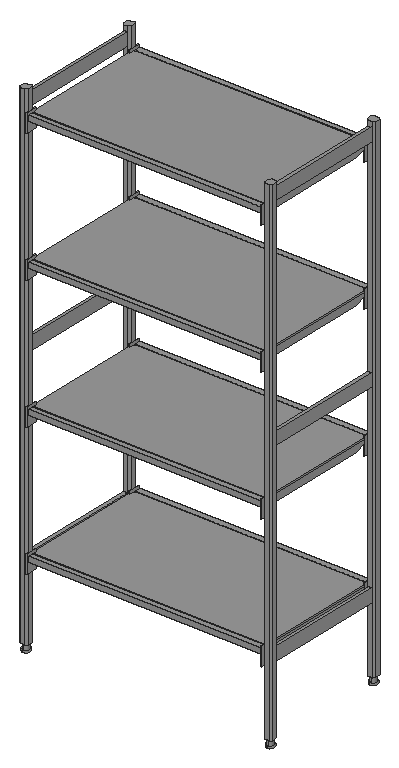
Revit family "QF_ZANUSSI_137031_BLS862", category Attrezzature speciali, Revit 2020
Family settings
  Quota connettore circolare = Usa diametro
  Tipo di parte = Normale
  Basato su piano di lavoro = No
  Sempre verticale = Sì
  Taglio con vuoti quando caricato = No
  Condiviso = No
  Punto di calcolo locali = No
Parameters (values of type "Standard")
  Weight = 19.00 kg
  Watts = 0 W
  Volts = 0 V
  URL Manufacturer = "http://www.zanussiprofessional.com"
  URL = "http://www.zanussiprofessional.com"
  Steam Supply Size = 0 mm
  Steam Supply Minimum Pressure = 0.0 Pa
  Steam Supply Maximum Pressure = 0.0 Pa
  Steam Consumption per Hour = 0
  Refrigeration Suction Line Size = 0.0 mm
  Refrigeration Liquid Line Size = 0.0 mm
  Refrigerant Compressor Remote = yes
  Prospetto di default = 0.0 mm
  Phase = 0
  Modello = "BLS862"
  Produttore = "Zanussi"
  Length Actual = 862.0 mm  # constant formula
  Item Number = "137031"
  Hot Water Size = 0 mm
  Height Actual = 1700.0 mm  # constant formula
  HP = "0 HP"
  Gas Size = 0 mm
  Gas KW = 0
  Gas Input Pressure = 0 W
  Direct Waste Size = 0 mm
  Descrizione = "ALUM.LINEAR SHELV.-POLY.TIERS-475X862MM"
  Depth Actual = 475.0 mm  # constant formula
  Cycle = 0 Hz
  Condensate Return Size = 0 mm
  Compressed Air Volume = 0.0 L/s
  Compressed Air Size = 0 mm
  Compressed Air Pressure = 0.0 Pa
  Cold Water Size = 0 mm
  Accessory = yes
Reference planes
  plane 1: z = 0
  plane 2 "Center (Left/Right)": x = -31
  plane 3 "LEFT": x = -462
  plane 4 "RIGHT": x = 400
  plane 5 "BACK": y = 23
  plane 6 "FRONT": y = -452
  plane 7 "TOP": z = 1700
  plane 8: x = 395
  plane 9: x = -430
  plane 10: x = 368
  plane 11 "Center (Front/Back)": y = -214.5
  plane 12: x = 363
  plane 13: y = -8.5
  plane 14: y = -420.5
  plane 15 "FEET": z = 25
  plane 16: z = 275
  plane 17: z = 725
  plane 18: z = 1175
  plane 19: z = 1625
  plane 20 "CXLeft": x = -448
  plane 21 "CXRight": x = 386
  plane 22: y = 5.5
  plane 23 "CYBack": y = 5.5
  plane 24 "CYFront": y = -434.5
Forms (mm)
  Extrusion 1, solid, material "QF_Aluminum"
    sketch origin (-462, 0, 0) x (0, 1, 0) y (0, 0, 1)
      loop
        line (4, 1650.994) -> (4, 1632.998) -> (23, 1632.998) -> (23, 1650.994) -> (4, 1650.994)
      loop
        line (-433, 1650.994) -> (-452, 1650.994) -> (-452, 1632.998) -> (-433, 1632.998) -> (-433, 1650.994)
      loop
        line (4, 1200.994) -> (4, 1182.998) -> (23, 1182.998) -> (23, 1200.994) -> (4, 1200.994)
      loop
        line (-433, 1200.994) -> (-452, 1200.994) -> (-452, 1182.998) -> (-433, 1182.998) -> (-433, 1200.994)
      loop
        line (4, 750.994) -> (4, 732.998) -> (23, 732.998) -> (23, 750.994) -> (4, 750.994)
      loop
        line (-433, 750.994) -> (-452, 750.994) -> (-452, 732.998) -> (-433, 732.998) -> (-433, 750.994)
      loop
        line (4, 300.994) -> (4, 282.998) -> (23, 282.998) -> (23, 300.994) -> (4, 300.994)
      loop
        line (-433, 300.994) -> (-452, 300.994) -> (-452, 282.998) -> (-433, 282.998) -> (-433, 300.994)
    from 32 to 830
  Extrusion 2, solid, material "QF_Polyethylene"
    sketch origin (-462, 0, 0) x (0, 1, 0) y (0, 0, 1)
      loop
        line (2.007, 1650.994) -> (-431, 1650.994) -> (-431, 1644.496) -> (2.007, 1644.496) -> (2.007, 1650.994)
      loop
        line (2.007, 1200.994) -> (-431, 1200.994) -> (-431, 1194.496) -> (2.007, 1194.496) -> (2.007, 1200.994)
      loop
        line (2.007, 750.994) -> (-431, 750.994) -> (-431, 744.496) -> (2.007, 744.496) -> (2.007, 750.994)
      loop
        line (2.007, 300.994) -> (-431, 300.994) -> (-431, 294.496) -> (2.007, 294.496) -> (2.007, 300.994)
    from 32 to 830
  Extrusion 3, solid, material "QF_Aluminum"
    sketch origin (400, 0, 0) x (0, 1, 0) y (0, 0, 1)
      loop
        line (-12, 1632.998) -> (4, 1632.998) -> (4, 1650.994) -> (2.007, 1650.994) -> (2.007, 1644.496) -> (-431, 1644.496) -> (-431, 1650.994) -> (-433, 1650.994) -> (-433, 1632.998) -> (-417, 1632.998) -> (-383, 1620.994) -> (-46, 1620.994) -> (-12, 1632.998)
      loop
        line (-12, 1182.998) -> (4, 1182.998) -> (4, 1200.994) -> (2.007, 1200.994) -> (2.007, 1194.496) -> (-431, 1194.496) -> (-431, 1200.994) -> (-433, 1200.994) -> (-433, 1182.998) -> (-417, 1182.998) -> (-383, 1170.994) -> (-46, 1170.994) -> (-12, 1182.998)
      loop
        line (-12, 732.998) -> (4, 732.998) -> (4, 750.994) -> (2.007, 750.994) -> (2.007, 744.496) -> (-431, 744.496) -> (-431, 750.994) -> (-433, 750.994) -> (-433, 732.998) -> (-417, 732.998) -> (-383, 720.994) -> (-46, 720.994) -> (-12, 732.998)
      loop
        line (-12, 282.998) -> (4, 282.998) -> (4, 300.994) -> (2.007, 300.994) -> (2.007, 294.496) -> (-431, 294.496) -> (-431, 300.994) -> (-433, 300.994) -> (-433, 282.998) -> (-417, 282.998) -> (-383, 270.994) -> (-46, 270.994) -> (-12, 282.998)
    from -32 to -37
Lines and regions (mm)
  symbolic lines
    curve 1: line (368, 4, 1700) -> (-430, 4, 1700)
    curve 2: line (-434, 23, 1700) -> (372, 23, 1700)
    curve 3: line (372, 13.246, 1700) -> (378.254, 19.5, 1700)
    curve 4: line (378.254, -8.5, 1700) -> (372, -2.246, 1700)
    curve 5: line (378.254, -420.5, 1700) -> (372, -426.754, 1700)
    curve 6: line (-434, -452, 1700) -> (372, -452, 1700)
    curve 7: line (372, 23, 1700) -> (372, -12.993, 1700)
    curve 8: line (372, -12.993, 1700) -> (368, -12.993, 1700)
    curve 9: line (372, -452, 1700) -> (372, -416.007, 1700)
    curve 10: line (372, -416.007, 1700) -> (368, -416.007, 1700)
    curve 11: line (-430, -12.993, 1700) -> (-430, -416.007, 1700)
    curve 12: line (-430, -433, 1700) -> (368, -433, 1700)
    curve 13: line (368, -12.993, 1700) -> (368, -416.007, 1700)
Dimensions and locks
  locked: plane 3 "LEFT" to plane 4 "RIGHT" at 862
  equal spacing: plane 3 "LEFT", plane 2 "Center (Left/Right)", plane 4 "RIGHT"
  locked: plane 7 "TOP" to level at 1700
  locked: plane 5 "BACK" to plane 6 "FRONT" at 475
  locked: plane 4 "RIGHT" to plane 8 at 5
  locked: plane 9 to plane 10 at 798
  locked: plane 3 "LEFT" to plane 9 at 32
  plane 12 to plane 10 = 5.0 mm
  locked: plane 13 to plane 14 at 412
  equal spacing: plane 13, plane 11 "Center (Front/Back)", plane 14
  equal spacing: plane 5 "BACK", plane 11 "Center (Front/Back)", plane 6 "FRONT"
  plane 15 "FEET" to level = 25.0 mm
  plane 7 "TOP" to plane 15 "FEET" = 1675.0 mm
  plane 16 to plane 15 "FEET" = 250.0 mm
  plane 17 to plane 16 = 450.0 mm
  plane 18 to plane 17 = 450.0 mm
  plane 19 to plane 18 = 450.0 mm
  locked: plane 3 "LEFT" to plane 20 "CXLeft" at 14
  locked: plane 21 "CXRight" to plane 4 "RIGHT" at 14
  locked: plane 5 "BACK" to plane 23 "CYBack" at 17.5
  locked: plane 24 "CYFront" to plane 6 "FRONT" at 17.5
  aligned and locked: level to plane 1
  aligned and locked: plane 9 to Extrusion 2
  aligned and locked: Extrusion 2 to plane 10
  aligned and locked: plane 9 to Extrusion 1
  aligned and locked: Extrusion 1 to plane 10
  aligned and locked: Extrusion 1 sketch curve to Extrusion 1 sketch curve  (x2)
  aligned and locked: Extrusion 3 sketch curve to Extrusion 3 sketch curve  (x3)
  aligned and locked: Extrusion 3 to plane 12
  aligned and locked: Extrusion 3 to plane 10
  aligned and locked: nested 1 to plane 20 "CXLeft"
  aligned and locked: nested 2 to plane 21 "CXRight"
Automatic sketch dimensions
  Extrusion 1 sketch curve to plane 6 "FRONT" = 0.0 mm  (x4)
  Extrusion 1 sketch curve to plane 5 "BACK" = 0.0 mm  (x4)
  plane 24 "CYFront" to Extrusion 1 sketch curve = 1.5 mm  (x2)
  plane 22 to Extrusion 1 sketch curve = 1.5 mm  (x4)
  plane 16 to Extrusion 1 sketch curve = 7.998 mm  (x2)
  Extrusion 1 sketch curve to Extrusion 1 sketch curve = 17.997 mm  (x8)
  plane 17 to Extrusion 1 sketch curve = 7.998 mm  (x2)
  plane 18 to Extrusion 1 sketch curve = 7.998 mm  (x2)
  plane 19 to Extrusion 1 sketch curve = 7.998 mm  (x2)
  plane 24 "CYFront" to Extrusion 2 sketch curve = 3.5 mm  (x4)
  plane 22 to Extrusion 2 sketch curve = 3.493 mm  (x4)
  plane 16 to Extrusion 2 sketch curve = 19.496 mm
  Extrusion 2 sketch curve to Extrusion 2 sketch curve = 6.499 mm  (x4)
  plane 17 to Extrusion 2 sketch curve = 19.496 mm
  plane 18 to Extrusion 2 sketch curve = 19.496 mm
  plane 19 to Extrusion 2 sketch curve = 19.496 mm
  plane 24 "CYFront" to Extrusion 3 sketch curve = 1.5 mm  (x4)
  Extrusion 3 sketch curve to Extrusion 3 sketch curve = 2.0 mm
  plane 14 to Extrusion 3 sketch curve = 3.5 mm  (x4)
  Extrusion 3 sketch curve to plane 16 = 4.006 mm
  Extrusion 3 sketch curve to Extrusion 3 sketch curve = 34.0 mm  (x4)
  Extrusion 3 sketch curve to plane 17 = 4.006 mm
  Extrusion 3 sketch curve to plane 18 = 4.006 mm
  Extrusion 3 sketch curve to plane 19 = 4.006 mm
  Extrusion 3 sketch curve to plane 13 = 37.5 mm  (x4)
  Extrusion 3 sketch curve to plane 13 = 3.5 mm  (x4)
  plane 22 to Extrusion 3 sketch curve = 3.493 mm  (x4)
  plane 22 to Extrusion 3 sketch curve = 1.5 mm  (x4)
  plane 16 to Extrusion 3 sketch curve = 7.998 mm  (x2)
  Extrusion 3 sketch curve to Extrusion 3 sketch curve = 11.498 mm  (x4)
  Extrusion 3 sketch curve to Extrusion 3 sketch curve = 6.499 mm  (x8)
  plane 17 to Extrusion 3 sketch curve = 7.998 mm  (x2)
  plane 18 to Extrusion 3 sketch curve = 7.998 mm  (x2)
  plane 19 to Extrusion 3 sketch curve = 7.998 mm  (x2)
  curve 6 to plane 6 "FRONT" = 0.0 mm
  curve 12 to plane 9 = 0.0 mm
  curve 12 to plane 10 = 0.0 mm
  curve 5 to plane 14 = 0.0 mm
  curve 11 to plane 9 = 0.0 mm
  curve 8 to plane 10 = 0.0 mm
  curve 4 to plane 13 = 0.0 mm
  curve 1 to plane 9 = 0.0 mm
  curve 1 to plane 10 = 0.0 mm
  curve 2 to plane 5 "BACK" = 0.0 mm
  plane 14 to curve 10 = 4.493 mm
  curve 7 to plane 13 = 4.493 mm
  curve 10 to plane 10 = 4.0 mm
  curve 7 to plane 10 = 4.0 mm
  plane 24 "CYFront" to curve 12 = 1.5 mm
  curve 5 to plane 14 = 6.254 mm
  plane 14 to curve 11 = 4.493 mm
  curve 11 to plane 13 = 4.493 mm
  plane 13 to curve 4 = 6.254 mm
  plane 22 to curve 1 = 1.5 mm
  curve 3 to plane 22 = 7.746 mm
  curve 3 to plane 5 "BACK" = 3.5 mm
  curve 5 to curve 9 = 6.254 mm
  curve 3 to curve 2 = 6.254 mm
  curve 4 to curve 7 = 6.254 mm
  plane 9 to curve 2 = 4.0 mm
  plane 9 to curve 6 = 4.0 mm
Nested families
  nested 1: "WT_Anta475" at (-45, 0, 0), type "WT_Anta475"
  nested 2: "WT_Anta475" at (-17, 0, 0) x (-1, 0, 0) z (0, 0, 1), type "WT_Anta475"
Definition of nested family "WT_Anta475"
  Parameters
    WidthLeft = A + 64.0 mm  # 772.0 mm
    Width = 1606.0 mm
    Right = WidthLeft / 2  # 386.0 mm
    Default Elevation = 0.0 mm
    Left = -WidthLeft / 2  # -386.0 mm
    Height = 1725.0 mm
    FEET = 25.0 mm
    E = 0.0 mm
    Dint = Depth - 63.0 mm  # 412.0 mm
    Dext = Depth - 8.0 mm  # 467.0 mm
    Depth = 475.0 mm
    DX = (WidthLeft - A) / 2  # 32.0 mm
    B = 798.0 mm
    A = 708.0 mm
  Reference planes
    plane 1: z = 0
    plane 2 "LEFT": x = -417
    plane 3 "BACK": y = 23
    plane 4 "FRONT": y = -452
    plane 5 "TOP": z = 1725
    plane 6 "Center (Front/Back)": y = -214.5
    plane 7: y = -8.5
    plane 8: y = -420.5
    plane 9 "FEET": z = 25
    plane 10: z = 275
    plane 11: z = 725
    plane 12: z = 1175
    plane 13: z = 1625
    plane 14 "CXLeft": x = -403
    plane 15: y = 5.5
    plane 16 "CYBack": y = 5.5
    plane 17 "CYFront": y = -434.5
    plane 18: x = -385.031
    plane 19: x = -380.031
  Forms (mm)
    Extrusion 1, solid
      sketch origin (0, 0, 0) x (1, 0, 0) y (0, 1, 0)
        loop
          line (-417, 13.246) -> (-417, -2.246) -> (-410.746, -8.5) -> (-395.254, -8.5) -> (-389, -2.246) -> (-389, 13.246) -> (-395.254, 19.5) -> (-410.746, 19.5) -> (-417, 13.246)
      from 1725 to 25
    Extrusion 2, solid
      sketch origin (-417, 0, 0) x (0, 1, 0) y (0, 0, 1)
        loop
          line (23, 246.005) -> (23, 307.993) -> (-12.993, 307.993) -> (-12.993, 246.005) -> (23, 246.005)
        loop
          line (-452, 246.005) -> (-416.007, 246.005) -> (-416.007, 307.993) -> (-452, 307.993) -> (-452, 246.005)
        loop
          line (23, 696.005) -> (23, 757.993) -> (-12.993, 757.993) -> (-12.993, 696.005) -> (23, 696.005)
        loop
          line (-452, 696.005) -> (-416.007, 696.005) -> (-416.007, 757.993) -> (-452, 757.993) -> (-452, 696.005)
        loop
          line (23, 1146.005) -> (23, 1207.993) -> (-12.993, 1207.993) -> (-12.993, 1146.005) -> (23, 1146.005)
        loop
          line (-452, 1146.005) -> (-416.007, 1146.005) -> (-416.007, 1207.993) -> (-452, 1207.993) -> (-452, 1146.005)
        loop
          line (23, 1596.005) -> (23, 1657.993) -> (-12.993, 1657.993) -> (-12.993, 1596.005) -> (23, 1596.005)
        loop
          line (-452, 1596.005) -> (-416.007, 1596.005) -> (-416.007, 1657.993) -> (-452, 1657.993) -> (-452, 1596.005)
      from 28 to 32
    Revolve 3, solid
      sketch origin (-403, 0, 0) x (0, 1, 0) y (0, 0, 1)
        loop
          line (5.5, 25) -> (5.5, 0) -> (19, 0) -> (19, 5) -> (14, 5) -> (14, 25) -> (5.5, 25)
        axis (5.5, 25) -> (5.5, 0)
      angle from 0 to 360
    Extrusion 4, solid
      sketch origin (-403, 0, 0) x (0, 1, 0) y (0, 0, 1)
        loop
          line (-8.5, 912.382) -> (-8.5, 957.374) -> (-420.5, 957.374) -> (-420.5, 912.382) -> (-8.5, 912.382)
        loop
          line (-8.5, 1662.244) -> (-8.5, 1707.236) -> (-420.5, 1707.236) -> (-420.5, 1662.244) -> (-8.5, 1662.244)
      from -5 to 5
    Revolve 5, solid
      sketch origin (-403, -627, 0) x (0, -1, 0) y (0, 0, 1)
        loop
          line (-192.5, 25) -> (-192.5, 0) -> (-179, 0) -> (-179, 5) -> (-184, 5) -> (-184, 25) -> (-192.5, 25)
        axis (-192.5, 25) -> (-192.5, 0)
      angle from 0 to 360
    Extrusion 6, solid
      sketch origin (0, -627, 0) x (1, 0, 0) y (0, 1, 0)
        loop
          line (-417, 184.754) -> (-410.746, 178.5) -> (-395.254, 178.5) -> (-389, 184.754) -> (-389, 200.246) -> (-395.254, 206.5) -> (-410.746, 206.5) -> (-417, 200.246) -> (-417, 184.754)
      from 1725 to 25
    Extrusion 7, solid
      sketch origin (-417.031, -0.022, 0) x (0, 1, 0) y (0, 0, -1)
        loop
          line (-12, -1632.998) -> (-46, -1620.994) -> (-383, -1620.994) -> (-417, -1632.998) -> (-433, -1632.998) -> (-433, -1650.994) -> (-431, -1650.994) -> (-431, -1644.496) -> (2.007, -1644.496) -> (2.007, -1650.994) -> (4, -1650.994) -> (4, -1632.998) -> (-12, -1632.998)
        loop
          line (-12, -1182.998) -> (-46, -1170.994) -> (-383, -1170.994) -> (-417, -1182.998) -> (-433, -1182.998) -> (-433, -1200.994) -> (-431, -1200.994) -> (-431, -1194.496) -> (2.007, -1194.496) -> (2.007, -1200.994) -> (4, -1200.994) -> (4, -1182.998) -> (-12, -1182.998)
        loop
          line (-12, -732.998) -> (-46, -720.994) -> (-383, -720.994) -> (-417, -732.998) -> (-433, -732.998) -> (-433, -750.994) -> (-431, -750.994) -> (-431, -744.496) -> (2.007, -744.496) -> (2.007, -750.994) -> (4, -750.994) -> (4, -732.998) -> (-12, -732.998)
        loop
          line (-12, -282.998) -> (-46, -270.994) -> (-383, -270.994) -> (-417, -282.998) -> (-433, -282.998) -> (-433, -300.994) -> (-431, -300.994) -> (-431, -294.496) -> (2.007, -294.496) -> (2.007, -300.994) -> (4, -300.994) -> (4, -282.998) -> (-12, -282.998)
      from -32 to -37
    Extrusion 8, solid
      sketch origin (-403, 0, -659.878) x (0, 1, 0) y (0, 0, 1)
        loop
          line (-8.5, 912.382) -> (-8.5, 957.374) -> (-420.5, 957.374) -> (-420.5, 912.382) -> (-8.5, 912.382)
        loop
          line (-8.5, 1572.382) -> (-8.5, 1617.374) -> (-420.5, 1617.374) -> (-420.5, 1572.382) -> (-8.5, 1572.382)
        loop
          line (-8.5, 2322.382) -> (-8.5, 2367.374) -> (-420.5, 2367.374) -> (-420.5, 2322.382) -> (-8.5, 2322.382)
      from -5 to 5
  Lines and regions (mm)
    symbolic lines
      curve 1: line (-408, -8.5, 1725) -> (-408, -420.5, 1725)
      curve 2: line (-398, -420.5, 1725) -> (-398, -8.5, 1725)
      curve 3: line (-395.254, -8.5, 1725) -> (-410.746, -8.5, 1725)
      curve 4: line (-417, -2.246, 1725) -> (-410.746, -8.5, 1725)
      curve 5: line (-417, 13.246, 1725) -> (-417, -2.246, 1725)
      curve 6: line (-410.746, 19.5, 1725) -> (-417, 13.246, 1725)
      curve 7: line (-395.254, 19.5, 1725) -> (-410.746, 19.5, 1725)
      curve 8: line (-389, 13.246, 1725) -> (-395.254, 19.5, 1725)
      curve 9: line (-395.254, -8.5, 1725) -> (-389, -2.246, 1725)
      curve 10: line (-395.254, -420.5, 1725) -> (-410.746, -420.5, 1725)
      curve 11: line (-417, -426.754, 1725) -> (-410.746, -420.5, 1725)
      curve 12: line (-410.746, -448.5, 1725) -> (-417, -442.246, 1725)
      curve 13: line (-395.254, -448.5, 1725) -> (-410.746, -448.5, 1725)
      curve 14: line (-389, -442.246, 1725) -> (-395.254, -448.5, 1725)
      curve 15: line (-395.254, -420.5, 1725) -> (-389, -426.754, 1725)
      curve 16: line (-389, -452, 1725) -> (-389, -416.007, 1725)
      curve 17: line (-389, -416.007, 1725) -> (-385, -416.007, 1725)
      curve 18: line (-389, 23, 1725) -> (-389, -12.993, 1725)
      curve 19: line (-389, -12.993, 1725) -> (-385, -12.993, 1725)
      curve 20: line (-417, -426.754, 1725) -> (-417, -442.246, 1725)
      curve 21: line (-385, -452, 1725) -> (-385, -416.007, 1725)
      curve 22: line (-385, -452, 1725) -> (-389, -452, 1725)
      curve 23: line (-385, 23, 1725) -> (-389, 23, 1725)
      curve 24: line (-385, -12.993, 1725) -> (-385, 23, 1725)
      curve 25: line (-385.031, -13.016, 1725) -> (-385.031, -416.029, 1725)
  Dimensions and locks
    "Height": plane 5 "TOP" to level
    "Depth": plane 3 "BACK" to plane 4 "FRONT"
    "Dint": plane 7 to plane 8
    equal spacing: plane 7, plane 6 "Center (Front/Back)", plane 8
    equal spacing: plane 3 "BACK", plane 6 "Center (Front/Back)", plane 4 "FRONT"
    plane 9 "FEET" to level = 25.0 mm
    plane 5 "TOP" to plane 9 "FEET" = 1700.0 mm
    plane 10 to plane 9 "FEET" = 250.0 mm
    plane 11 to plane 10 = 450.0 mm
    plane 12 to plane 11 = 450.0 mm
    plane 13 to plane 12 = 450.0 mm
    locked: plane 2 "LEFT" to plane 14 "CXLeft" at 14
    locked: plane 3 "BACK" to plane 16 "CYBack" at 17.5
    locked: plane 17 "CYFront" to plane 4 "FRONT" at 17.5
    locked: Revolve 3 sketch curve to Revolve 3 sketch curve at 8.5
    locked: Revolve 3 sketch curve to plane 16 "CYBack" at 13.5
    locked: Revolve 5 sketch curve to Revolve 5 sketch curve at 8.5
    aligned and locked: level to plane 1
    aligned and locked: curve 20 to Extrusion 6
    aligned and locked: plane 5 "TOP" to Extrusion 1
    aligned and locked: plane 5 "TOP" to Extrusion 6
    aligned and locked: Extrusion 7 sketch curve to Extrusion 7 sketch curve  (x3)
  Automatic sketch dimensions
    curve 16 to plane 4 "FRONT" = 0.0 mm
    curve 11 to plane 8 = 0.0 mm
    curve 9 to plane 7 = 0.0 mm
    curve 5 to plane 2 "LEFT" = 0.0 mm
    curve 23 to plane 3 "BACK" = 0.0 mm
    plane 4 "FRONT" to curve 13 = 3.5 mm
    curve 20 to plane 17 "CYFront" = 7.746 mm
    curve 20 to plane 8 = 6.254 mm
    plane 8 to curve 16 = 4.493 mm
    curve 24 to plane 18 = 0.031 mm
    curve 24 to plane 7 = 4.493 mm
    plane 7 to curve 5 = 6.254 mm
    curve 5 to plane 15 = 7.746 mm
    curve 6 to plane 3 "BACK" = 3.5 mm
    curve 21 to plane 18 = 0.031 mm
    plane 18 to curve 23 = 3.969 mm
    plane 18 to curve 16 = 3.969 mm
    curve 18 to curve 8 = 6.254 mm
    curve 18 to curve 3 = 6.254 mm
    curve 16 to curve 13 = 6.254 mm
    curve 16 to curve 15 = 6.254 mm
    plane 2 "LEFT" to curve 10 = 6.254 mm
    plane 2 "LEFT" to curve 7 = 6.254 mm
    plane 2 "LEFT" to curve 12 = 6.254 mm
    plane 2 "LEFT" to curve 3 = 6.254 mm
    curve 14 to plane 17 "CYFront" = 7.746 mm
    curve 15 to plane 8 = 6.254 mm
    plane 7 to curve 9 = 6.254 mm
    curve 8 to plane 15 = 7.746 mm
    curve 3 to curve 2 = 2.746 mm
    curve 1 to curve 10 = 2.746 mm
    Extrusion 1 sketch curve to plane 2 "LEFT" = 0.0 mm
    Extrusion 1 sketch curve to plane 7 = 0.0 mm
    plane 2 "LEFT" to Extrusion 1 sketch curve = 6.254 mm  (x2)
    plane 14 "CXLeft" to Extrusion 1 sketch curve = 7.746 mm  (x2)
    Extrusion 1 sketch curve to plane 3 "BACK" = 3.5 mm
    plane 18 to Extrusion 1 sketch curve = 3.969 mm
    plane 7 to Extrusion 1 sketch curve = 6.254 mm  (x2)
    Extrusion 1 sketch curve to plane 15 = 7.746 mm  (x2)
    Extrusion 2 sketch curve to plane 4 "FRONT" = 0.0 mm  (x4)
    Extrusion 2 sketch curve to plane 3 "BACK" = 0.0 mm  (x4)
    plane 8 to Extrusion 2 sketch curve = 4.493 mm  (x4)
    Extrusion 2 sketch curve to plane 7 = 4.493 mm  (x4)
    Extrusion 2 sketch curve to plane 10 = 28.995 mm  (x2)
    plane 10 to Extrusion 2 sketch curve = 32.993 mm  (x2)
    Extrusion 2 sketch curve to plane 11 = 28.995 mm  (x2)
    plane 11 to Extrusion 2 sketch curve = 32.993 mm  (x2)
    Extrusion 2 sketch curve to plane 12 = 28.995 mm  (x2)
    plane 12 to Extrusion 2 sketch curve = 32.993 mm  (x2)
    Extrusion 2 sketch curve to plane 13 = 28.995 mm  (x2)
    plane 13 to Extrusion 2 sketch curve = 32.993 mm  (x2)
    Revolve 3 sketch curve to plane 9 "FEET" = 0.0 mm  (x2)
    Revolve 3 sketch curve to plane 15 = 0.0 mm  (x2)
    Revolve 3 sketch curve to level = 0.0 mm
    level to Revolve 3 sketch curve = 5.0 mm
    Revolve 3 sketch curve to Revolve 3 sketch curve = 11.655 mm
    Extrusion 4 sketch curve to plane 8 = 0.0 mm  (x2)
    Extrusion 4 sketch curve to plane 7 = 0.0 mm  (x2)
    plane 11 to Extrusion 4 sketch curve = 187.382 mm
    Extrusion 4 sketch curve to Extrusion 4 sketch curve = 44.992 mm
    plane 13 to Extrusion 4 sketch curve = 37.244 mm
    Extrusion 4 sketch curve to plane 5 "TOP" = 17.764 mm
    Revolve 5 sketch curve to plane 9 "FEET" = 0.0 mm  (x2)
    Revolve 5 sketch curve to plane 17 "CYFront" = 0.0 mm  (x2)
    Revolve 5 sketch curve to level = 0.0 mm
    Revolve 5 sketch curve to plane 4 "FRONT" = 4.0 mm
    Revolve 5 sketch curve to Revolve 5 sketch curve = 5.0 mm
    level to Revolve 5 sketch curve = 11.655 mm
    Extrusion 6 sketch curve to plane 2 "LEFT" = 0.0 mm
    Extrusion 6 sketch curve to plane 8 = 0.0 mm
    Extrusion 6 sketch curve to plane 2 "LEFT" = 6.254 mm  (x2)
    Extrusion 6 sketch curve to plane 14 "CXLeft" = 7.746 mm  (x2)
    Extrusion 6 sketch curve to plane 4 "FRONT" = 3.5 mm
    Extrusion 6 sketch curve to plane 18 = 3.969 mm
    plane 8 to Extrusion 6 sketch curve = 6.254 mm  (x2)
    plane 17 "CYFront" to Extrusion 6 sketch curve = 7.746 mm  (x2)
    plane 17 "CYFront" to Extrusion 7 sketch curve = 1.478 mm  (x4)
    Extrusion 7 sketch curve to Extrusion 7 sketch curve = 2.0 mm
    plane 8 to Extrusion 7 sketch curve = 3.478 mm  (x4)
    Extrusion 7 sketch curve to plane 10 = 4.006 mm
    Extrusion 7 sketch curve to Extrusion 7 sketch curve = 34.0 mm  (x4)
    Extrusion 7 sketch curve to plane 11 = 4.006 mm
    Extrusion 7 sketch curve to plane 12 = 4.006 mm
    Extrusion 7 sketch curve to plane 13 = 4.006 mm
    Extrusion 7 sketch curve to plane 7 = 37.522 mm  (x4)
    Extrusion 7 sketch curve to plane 7 = 3.522 mm  (x4)
    plane 15 to Extrusion 7 sketch curve = 3.516 mm  (x4)
    plane 15 to Extrusion 7 sketch curve = 1.522 mm  (x4)
    plane 13 to Extrusion 7 sketch curve = 7.998 mm  (x2)
    Extrusion 7 sketch curve to Extrusion 7 sketch curve = 11.498 mm
    Extrusion 7 sketch curve to Extrusion 7 sketch curve = 6.499 mm  (x5)
    plane 12 to Extrusion 7 sketch curve = 25.994 mm  (x2)
    plane 12 to Extrusion 7 sketch curve = 7.998 mm  (x2)
    plane 11 to Extrusion 7 sketch curve = 25.994 mm  (x2)
    plane 11 to Extrusion 7 sketch curve = 7.998 mm  (x2)
    plane 10 to Extrusion 7 sketch curve = 25.994 mm  (x2)
    plane 10 to Extrusion 7 sketch curve = 7.998 mm  (x2)
    curve 25 to plane 18 = 0.0 mm
    plane 8 to curve 25 = 4.471 mm
    curve 25 to plane 7 = 4.516 mm
    Extrusion 8 sketch curve to plane 8 = 0.0 mm  (x3)
    Extrusion 8 sketch curve to plane 7 = 0.0 mm  (x3)
    Extrusion 8 sketch curve to plane 10 = 22.496 mm
    plane 10 to Extrusion 8 sketch curve = 22.496 mm
    plane 11 to Extrusion 8 sketch curve = 187.504 mm
    Extrusion 8 sketch curve to Extrusion 8 sketch curve = 44.992 mm
    plane 13 to Extrusion 8 sketch curve = 37.504 mm
    Extrusion 8 sketch curve to plane 5 "TOP" = 17.504 mm
